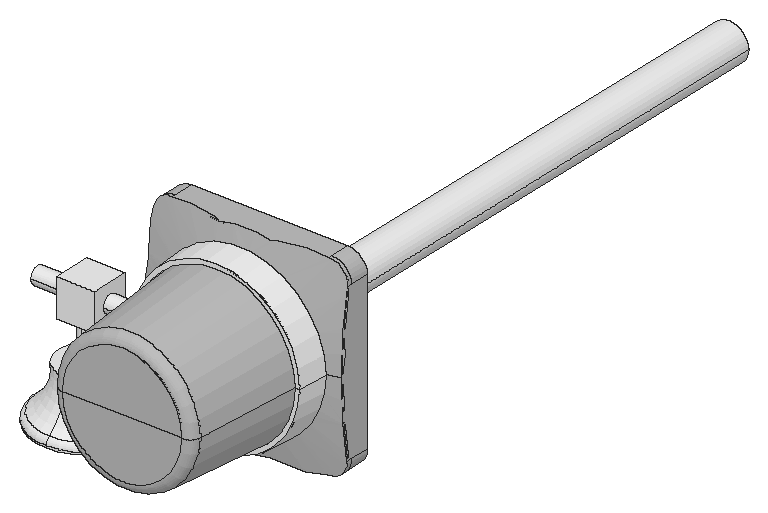
Revit family "WCBrushHolder-Vitra-JunoClassicSeries-A44424", category Plumbing Fixtures, host Face, Revit 2017
Family settings
  Host = Face
  Round Connector Dimension = Use Diameter
  Part Type = Normal
  OmniClass Number = 23.45.00.00
  OmniClass Title = Sanitary, Laundry, and Cleaning Equipment
  Cut with Voids When Loaded = No
  Shared = Yes
  Room Calculation Point = No
Parameters (values of type "WCBrushHolder-Vitra-JunoClassicSeries-A44424")
  Youtube = "https://www.youtube.com/user/VitrAglobal"
  Weight Net (kg) = "3"
  Waste Connection = no
  Warranty Period (Year) = "5 Years"
  Vent Connection = no
  Uniformat II Description = "Plumbing Fixtures"
  Uniformat II Code = "D2010"
  Uniclass 2015 Name = "Toilet Brush Holders"
  Uniclass 2015 Code = "PR_40_20_76_86"
  Uniclass 2.0 Description = "Toilet Brush Holders"
  Uniclass 2.0 Code = "PR-35-75-86"
  Uniclass 1.4 Description = "Sanitary above ground pipes and fittings"
  Uniclass 1.4 Code = "L7313"
  URL = "https://vitraglobal.com/"
  UNSPSC Description = "Plumbing Fixtures"
  UNSPSC Code = ""
  Technical description = ""
  Tap hole Options (default) = ""
  Specification = ""
  Region South America = "All"
  Region Oceania = "All"
  Region North America = "All"
  Region Middle East = "All"
  Region Europe = "All"
  Region Asia = "All"
  Region Antarctica = "All"
  Region Africa = "All"
  Product url = ""
  Product manual = ""
  Product group = "Juno Classic WC Brush Holder"
  Product family = "Juno Classic"
  Product data url = ""
  Product certification = "https://www.vitraglobal.com/brochures/"
  Product Type = "WC Brush Holder"
  Product SKU = "A44424"
  Product Properties = ""
  Product Guid = ""
  Primary Material = Chrome
  OmniClass Description = "Toilet and Bath Specialties"
  OmniClass Code = "23-31 25 00"
  Nominal Width (mm) = 137 mm
  Nominal Height (mm) = 361 mm
  Nominal Depth (mm) = 100 mm
  NBS Referans Description = "Toilet Brush Holders"
  NBS Referans Code = "35-75-86"
  Mounting type = "Wall Mounted"
  Model = "A44424"
  Masterformat 2014 Description = "Toilet Accessories"
  Masterformat 2014 Code = "10 28 13"
  Manufacturer name = "Vitra"
  Manufacturer = "Vitra"
  Main Material = ""
  Installation instructions = ""
  IFC Classification = "Sanitary Terminal"
  Help = ""
  HW Connection = no
  GTIP code = ""
  Features = ""
  EAN code = ""
  Design country = "Turkey"
  Description = "Juno Classic WC Brush Holder"
  Default Elevation = 0 mm
  Color = "Chrome"
  Coating Material = Glass
  Calculated flow = ""
  CW Connection = no
  COBIe Type Category = ""
  Brand = "VitrA"
  BIMobject category = "Accessories"
  Article No. (default) = "A44424"
  Approvals = ""
  ApplicationType = ""
  Accessories (default) = ""
Reference planes
  plane 1 "Center (Front/Back)": y = 0
  plane 2: z = 0
  plane 3 "Center (Left/Right)": x = 0
  plane 4: z = 100
  plane 5: y = 298.56
  plane 6: y = -62.44
  plane 7: x = 110.948
  plane 8: x = -26.052
Forms (mm)
  Revolve 1, solid, material "Chrome" <- "Primary Material", detail levels fine
    sketch origin (0, 0, 53.067) x (1, 0, 0) y (0, 1, 0)
      loop
        line (64.948, 298.351) -> (64.948, -26.87) -> (97.587, -26.87) -> (97.587, 24.781) -> (79.965, 24.781) -> (79.965, 32.362) -> (80.978, 32.362) -> (80.978, 35.328) -> (73.87, 35.328) -> (73.87, 296.904)
        arc (73.87, 296.904) -> (69.459, 297.939) -> (64.948, 298.351) r 32.548
      axis (64.948, -26.87) -> (64.948, 298.351)
    angle from 0 to 360
  Revolve 2, solid, material "Glass" <- "Coating Material", detail levels fine
    sketch origin (0, 0, 52.812) x (1, 0, 0) y (0, 1, 0)
      loop
        line (64.948, -62.44) -> (93.192, -62.44)
        arc (93.192, -62.44) -> (96.592, -61.106) -> (98.178, -57.816) r 5
        line (98.178, -57.816) -> (103.065, 6.993)
        arc (103.065, 6.993) -> (103.293, 7.557) -> (103.805, 7.884) r 1
        line (103.805, 7.884) -> (126.887, 14.008) -> (126.887, 15.475) -> (64.948, 15.475) -> (64.948, -62.44)
      axis (64.948, 15.475) -> (64.948, -62.44)
    angle from 0 to 360
  Extrusion 3, solid, material "Glass" <- "Coating Material", detail levels fine
    sketch origin (64.948, 24.781, 100.84) x (1, 0, 0) y (0, 0, -1)
      loop
        line (-37, 1.84) -> (37, 1.84)
        arc (37, 1.84) -> (43.364, 4.476) -> (46, 10.84) r 9
        line (46, 10.84) -> (46, 84.84)
        arc (46, 84.84) -> (43.364, 91.204) -> (37, 93.84) r 9
        line (37, 93.84) -> (-37, 93.84)
        arc (-37, 93.84) -> (-43.364, 91.204) -> (-46, 84.84) r 9
        line (-46, 84.84) -> (-46, 10.84)
        arc (-46, 10.84) -> (-43.364, 4.476) -> (-37, 1.84) r 9
      loop
        arc (37, 4.84) -> (41.243, 6.597) -> (43, 10.84) r 6
        line (43, 10.84) -> (43, 84.84)
        arc (43, 84.84) -> (41.243, 89.083) -> (37, 90.84) r 6
        line (37, 90.84) -> (-37, 90.84)
        arc (-37, 90.84) -> (-41.243, 89.083) -> (-43, 84.84) r 6
        line (-43, 84.84) -> (-43, 10.84)
        arc (-43, 10.84) -> (-41.243, 6.597) -> (-37, 4.84) r 6
        line (-37, 4.84) -> (37, 4.84)
    from -9.306 to 0
  Extrusion 4, void
    sketch origin (64.948, 24.781, 100.84) x (1, 0, 0) y (0, 0, -1)
      loop
        line (-37, 1.84) -> (37, 1.84)
        arc (37, 1.84) -> (43.364, 4.476) -> (46, 10.84) r 9
        line (46, 10.84) -> (46, 84.84)
        arc (46, 84.84) -> (43.364, 91.204) -> (37, 93.84) r 9
        line (37, 93.84) -> (-37, 93.84)
        arc (-37, 93.84) -> (-43.364, 91.204) -> (-46, 84.84) r 9
        line (-46, 84.84) -> (-46, 10.84)
        arc (-46, 10.84) -> (-43.364, 4.476) -> (-37, 1.84) r 9
      loop
        line (75.303, -30.214) -> (75.303, 119.786) -> (-74.697, 119.786) -> (-74.697, -30.214) -> (75.303, -30.214)
    from 0 to -24.781
  Revolve 5, solid, material "Chrome" <- "Primary Material", detail levels fine
    sketch origin (0, 0, 0) x (0, 1, 0) y (0, 0, 1)
      loop
        line (0.066, 0) -> (26.165, 0) -> (26.165, 0.997)
        arc (26.165, 0.997) -> (25.683, 2.803) -> (24.368, 4.131) r 3.631
        arc (24.368, 4.131) -> (16.823, 13.296) -> (15.115, 25.044) r 22.084
        line (15.115, 25.044) -> (5.104, 25.044) -> (5.104, 44) -> (0.066, 44) -> (0.066, 0)
      axis (0.066, 0) -> (0.066, 44)
    angle from 0 to 360
  Extrusion 6, solid, material "Chrome" <- "Primary Material", detail levels fine
    sketch origin (0, 0, 0) x (0, 1, 0) y (0, 0, 1)
      loop
        line (-8.934, 62) -> (-8.934, 44) -> (9.066, 44) -> (9.066, 62) -> (-8.934, 62)
    from -9.052 to 8.948
  Revolve 7, solid, material "Chrome" <- "Primary Material", detail levels fine
    sketch origin (0, 0, 52.989) x (1, 0, 0) y (0, 1, 0)
      loop
        line (104.453, -6.934) -> (105.453, 7.066) -> (103.457, 7.066) -> (102.457, -6.934) -> (104.453, -6.934)
      axis (64.948, 7.066) -> (64.948, -6.934)
    angle from 0 to 360
  Revolve 8, solid, material "Chrome" <- "Primary Material", detail levels fine
    sketch origin (0, 0, 52.995) x (1, 0, 0) y (0, 1, 0)
      loop
        line (-25.052, 4.066) -> (-25.052, 0.066) -> (26.098, 0.066) -> (26.098, 4.066) -> (-25.052, 4.066)
      axis (-25.052, 0.066) -> (26.098, 0.066)
    angle from 0 to 360
  Extrusion 9, solid, detail levels coarse
    sketch origin (0, 0, 0) x (1, 0, 0) y (0, 1, 0)
      loop
        line (110.948, 298.56) -> (-26.052, 298.56) -> (-26.052, -62.44) -> (110.948, -62.44) -> (110.948, 298.56)
    from 0 to 100
  Revolve 10, solid, detail levels medium
    sketch origin (0, 0, 52.813) x (1, 0, 0) y (0, 1, 0)
      loop
        line (64.948, -62.44) -> (93.029, -62.44)
        arc (93.029, -62.44) -> (96.408, -61.126) -> (98.01, -57.875) r 5
        line (98.01, -57.875) -> (102.457, -6.934) -> (104.453, -6.934) -> (105.757, 8.01) -> (110.948, 9.779) -> (110.948, 24.781) -> (80.948, 24.781) -> (80.948, 35.328) -> (73.87, 35.328) -> (73.87, 296.904)
        arc (73.87, 296.904) -> (69.475, 298.087) -> (64.948, 298.56) r 28.721
        line (64.948, 298.56) -> (64.948, -62.44)
      axis (64.948, 298.56) -> (64.948, -62.44)
    angle from 0 to 360
  Revolve 11, solid, detail levels medium
    sketch origin (0, 0, 0) x (0, 1, 0) y (0, 0, 1)
      loop
        line (0.066, 0) -> (0.066, 55) -> (-4.971, 55) -> (-4.971, 25.044) -> (-14.982, 25.044) -> (-26.032, 0) -> (0.066, 0)
      axis (0.066, 55) -> (0.066, 0)
    angle from 0 to 360
  Extrusion 12, solid, detail levels medium
    sketch origin (0, 0, 0) x (1, 0, 0) y (0, 1, 0)
      loop
        line (-9.052, 9.066) -> (-9.052, -8.934) -> (8.948, -8.934) -> (8.948, 9.066) -> (-9.052, 9.066)
    from 44 to 62
  Extrusion 13, solid, detail levels medium
    sketch origin (0, 0, 0) x (0, 1, 0) y (0, 0, 1)
      loop
        circle (0, 53.054) r 4
    from -25.052 to 25.912
Cuts and joins
  Extrusion 4 cuts Revolve 2
  joined: Revolve 2, Extrusion 3
  joined: Revolve 5, Extrusion 6, Revolve 7, Revolve 8
Dimensions and locks
  "Nominal Depth (mm)": plane 4 to level
  "Nominal Width (mm)": plane 8 to plane 7
  "Nominal Height (mm)": plane 5 to plane 6
  aligned and locked: plane 2 to host face
  aligned and locked: level to host face
Automatic sketch dimensions
  host sketch curve to host sketch curve = 2438.4 mm  (x2)
  plane 7 to Revolve 1 sketch curve = 46.696 mm
  plane 7 to Revolve 1 sketch curve = 46 mm
  plane 7 to Revolve 1 sketch curve = 37.078 mm
  Revolve 1 sketch curve to Revolve 1 sketch curve = 6.094 mm
  Revolve 1 sketch curve to Revolve 1 sketch curve = 1.013 mm
  plane 7 to Revolve 1 sketch curve = 13.36 mm
  plane 1 "Center (Front/Back)" to Revolve 1 sketch curve = 26.87 mm
  Revolve 1 sketch curve to plane 1 "Center (Front/Back)" = 24.781 mm
  Revolve 1 sketch curve to Revolve 1 sketch curve = 7.581 mm
  Revolve 1 sketch curve to Revolve 1 sketch curve = 2.966 mm
  Revolve 1 sketch curve to plane 5 = 32.749 mm
  Revolve 1 sketch curve to plane 5 = 1.655 mm
  Revolve 1 sketch curve to Revolve 1 sketch curve = 15.017 mm
  Revolve 1 sketch curve to Revolve 1 sketch curve = 5 mm
  Revolve 1 sketch curve to Revolve 1 sketch curve = 9.453 mm
  Revolve 2 sketch curve to plane 6 = 0 mm
  plane 1 "Center (Front/Back)" to Revolve 2 sketch curve = 0 mm
  plane 7 to Revolve 2 sketch curve = 46 mm
  plane 7 to Revolve 2 sketch curve = 17.756 mm
  plane 6 to Revolve 2 sketch curve = 4.624 mm
  Revolve 2 sketch curve to Revolve 2 sketch curve = 4.986 mm
  plane 7 to Revolve 2 sketch curve = 7.883 mm
  Revolve 2 sketch curve to Revolve 2 sketch curve = 0.741 mm
  Revolve 2 sketch curve to Revolve 2 sketch curve = 0.256 mm
  Revolve 2 sketch curve to plane 7 = 15.939 mm
  Revolve 2 sketch curve to plane 1 "Center (Front/Back)" = 6.917 mm
  Revolve 2 sketch curve to Revolve 2 sketch curve = 0.075 mm
  Revolve 2 sketch curve to plane 1 "Center (Front/Back)" = 14.008 mm
  Revolve 2 sketch curve to Revolve 2 sketch curve = 15.475 mm
  Revolve 2 sketch curve to Revolve 2 sketch curve = 0 mm
  plane 1 "Center (Front/Back)" to Revolve 2 sketch curve = 6.934 mm
  Extrusion 3 sketch curve to Extrusion 3 sketch curve = 0 mm  (x8)
  plane 7 to Extrusion 3 sketch curve = 0 mm
  Extrusion 3 sketch curve to Extrusion 3 sketch curve = 3 mm
  level to Extrusion 3 sketch curve = 7 mm
  plane 7 to Extrusion 3 sketch curve = 9 mm  (x2)
  Extrusion 3 sketch curve to plane 4 = 1 mm
  plane 3 "Center (Left/Right)" to Extrusion 3 sketch curve = 27.948 mm  (x2)
  Extrusion 3 sketch curve to Extrusion 3 sketch curve = 6 mm
  plane 7 to Extrusion 4 sketch curve = 0 mm
  plane 7 to Extrusion 4 sketch curve = 9 mm  (x2)
  Extrusion 4 sketch curve to plane 4 = 1 mm
  plane 3 "Center (Left/Right)" to Extrusion 4 sketch curve = 27.948 mm  (x2)
  Extrusion 4 sketch curve to plane 4 = 10 mm
  Extrusion 4 sketch curve to plane 3 "Center (Left/Right)" = 9.749 mm
  Extrusion 4 sketch curve to plane 7 = 29.303 mm
  plane 4 to Extrusion 4 sketch curve = 31.054 mm
  level to Extrusion 4 sketch curve = 16 mm
  Extrusion 4 sketch curve to level = 18.946 mm
  Revolve 5 sketch curve to level = 0 mm
  Revolve 5 sketch curve to plane 1 "Center (Front/Back)" = 0.066 mm  (x2)
  Revolve 5 sketch curve to Revolve 5 sketch curve = 5.037 mm
  Revolve 5 sketch curve to Revolve 5 sketch curve = 10.011 mm
  level to Revolve 5 sketch curve = 0.997 mm
  Revolve 5 sketch curve to Revolve 5 sketch curve = 22.468 mm
  Revolve 5 sketch curve to Revolve 5 sketch curve = 3.631 mm
  Revolve 5 sketch curve to Revolve 5 sketch curve = 21.904 mm
  level to Revolve 5 sketch curve = 22.231 mm
  level to Revolve 5 sketch curve = 25.044 mm
  Revolve 5 sketch curve to Revolve 5 sketch curve = 18.956 mm
  Revolve 5 sketch curve to Revolve 5 sketch curve = 3.956 mm
  Revolve 5 sketch curve to Revolve 5 sketch curve = 7.026 mm
  plane 1 "Center (Front/Back)" to Extrusion 6 sketch curve = 8.934 mm
  Extrusion 6 sketch curve to plane 1 "Center (Front/Back)" = 9.066 mm
  level to Extrusion 6 sketch curve = 44 mm
  Extrusion 6 sketch curve to Extrusion 6 sketch curve = 18 mm
  plane 7 to Revolve 7 sketch curve = 8.491 mm
  plane 7 to Revolve 7 sketch curve = 7.491 mm
  Revolve 7 sketch curve to Revolve 7 sketch curve = 1.996 mm  (x2)
  plane 1 "Center (Front/Back)" to Revolve 7 sketch curve = 6.934 mm
  Revolve 7 sketch curve to plane 1 "Center (Front/Back)" = 7.066 mm
  plane 1 "Center (Front/Back)" to Revolve 7 sketch curve = 17.96 mm
  Revolve 7 sketch curve to Revolve 7 sketch curve = 37.509 mm
  Revolve 7 sketch curve to plane 1 "Center (Front/Back)" = 7.04 mm
  Revolve 8 sketch curve to plane 8 = 1 mm
  Revolve 8 sketch curve to plane 1 "Center (Front/Back)" = 0.066 mm  (x2)
  plane 3 "Center (Left/Right)" to Revolve 8 sketch curve = 26.098 mm
  Revolve 8 sketch curve to Revolve 8 sketch curve = 4 mm
  Revolve 8 sketch curve to plane 3 "Center (Left/Right)" = 7.083 mm
  plane 3 "Center (Left/Right)" to Revolve 8 sketch curve = 0.523 mm
  Extrusion 9 sketch curve to plane 5 = 0 mm
  Extrusion 9 sketch curve to plane 8 = 0 mm
  Extrusion 9 sketch curve to plane 6 = 0 mm
  Extrusion 9 sketch curve to plane 7 = 0 mm
  Revolve 10 sketch curve to plane 6 = 0 mm
  Revolve 10 sketch curve to plane 5 = 0 mm
  Revolve 10 sketch curve to plane 7 = 0 mm
  plane 7 to Revolve 10 sketch curve = 5.191 mm
  plane 7 to Revolve 10 sketch curve = 6.495 mm
  Revolve 10 sketch curve to Revolve 10 sketch curve = 1.996 mm
  plane 6 to Revolve 10 sketch curve = 4.565 mm
  plane 7 to Revolve 10 sketch curve = 12.937 mm
  Revolve 10 sketch curve to Revolve 10 sketch curve = 4.981 mm
  Revolve 10 sketch curve to Revolve 10 sketch curve = 24.809 mm
  Revolve 10 sketch curve to Revolve 10 sketch curve = 7.078 mm
  Revolve 10 sketch curve to Revolve 10 sketch curve = 28.082 mm
  Revolve 10 sketch curve to Revolve 10 sketch curve = 0.712 mm
  plane 1 "Center (Front/Back)" to Revolve 10 sketch curve = 6.934 mm  (x2)
  Revolve 10 sketch curve to plane 1 "Center (Front/Back)" = 8.01 mm
  Revolve 10 sketch curve to Revolve 10 sketch curve = 1.769 mm
  Revolve 10 sketch curve to plane 1 "Center (Front/Back)" = 24.781 mm
  Revolve 10 sketch curve to Revolve 10 sketch curve = 10.547 mm
  Revolve 10 sketch curve to plane 5 = 28.712 mm
  Revolve 10 sketch curve to Revolve 10 sketch curve = 0 mm
  plane 1 "Center (Front/Back)" to Revolve 10 sketch curve = 26.87 mm
  Revolve 11 sketch curve to level = 0 mm
  plane 1 "Center (Front/Back)" to Revolve 11 sketch curve = 26.032 mm
  plane 1 "Center (Front/Back)" to Revolve 11 sketch curve = 14.982 mm
  plane 1 "Center (Front/Back)" to Revolve 11 sketch curve = 4.971 mm
  Revolve 11 sketch curve to plane 1 "Center (Front/Back)" = 0.066 mm  (x2)
  level to Revolve 11 sketch curve = 25.044 mm
  Revolve 11 sketch curve to Revolve 11 sketch curve = 29.956 mm
  Revolve 11 sketch curve to Revolve 11 sketch curve = 7.68 mm
  Revolve 11 sketch curve to Revolve 11 sketch curve = 7.276 mm
  Extrusion 12 sketch curve to plane 3 "Center (Left/Right)" = 9.052 mm
  plane 3 "Center (Left/Right)" to Extrusion 12 sketch curve = 8.948 mm
  plane 1 "Center (Front/Back)" to Extrusion 12 sketch curve = 8.934 mm
  Extrusion 12 sketch curve to plane 1 "Center (Front/Back)" = 9.066 mm
  Extrusion 13 sketch curve to plane 1 "Center (Front/Back)" = 0 mm
  Extrusion 13 sketch curve to plane 4 = 46.946 mm
  radius of Extrusion 13 sketch curve = 4 mm
